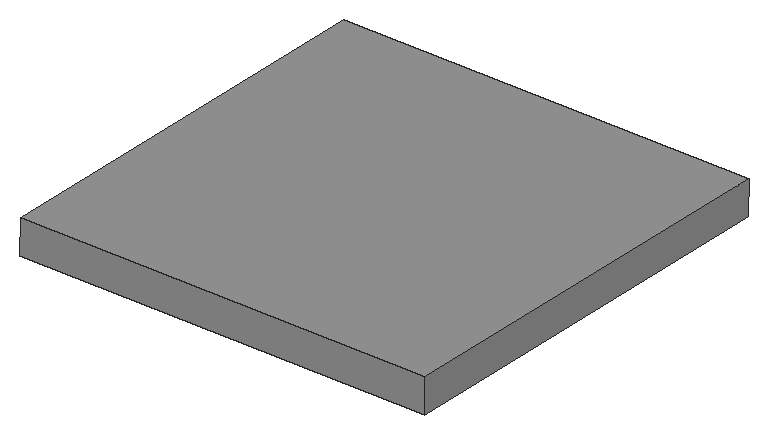
Revit family "HELIOS_49W_4000K_4300LM", category Lighting Fixtures, host Ceiling, Revit 2021
Family settings
  Host = Ceiling
  Round Connector Dimension = Use Diameter
  Part Type = Normal
  OmniClass Number = 23.80.70.11
  OmniClass Title = Luminaries for Internal Lighting
  Always vertical = Yes
  Cut with Voids When Loaded = No
  Light Source = Yes
  Shared = No
  Room Calculation Point = No
Parameters
  Wattage = 28.948 W
  built-in parameter 1150110 = 1 (stored number, unit not read)
  Type de lampe = "LED Mid Power"
  Type = "Dalle LED"
  built-in parameter 1114217 = 1 (stored number, unit not read)
  Tilt Angle = 90.00°
  built-in parameter 1150109 = 1 (stored number, unit not read)
  built-in parameter 1150134 = 12
  built-in parameter 1150113 = 1 (stored number, unit not read)
  SDCM = "<3"
  Puissance nominale = "49W"
  Photometric Web File = "google_eulumdat_converter (14).ies"
  Matériau = "Acier galvanisé blanc"
  Maintien du flux = "L80B10 (50 000 heures)"
  Lumens = 4300 lm
  built-in parameter 1150115 = 1 (stored number, unit not read)
  built-in parameter 1150105 = 342.18 (stored number, unit not read)
  built-in parameter 1150137 = (empty or 0)
  built-in parameter 1150139 = (empty or 0)
  built-in parameter 1150112 = 1 (stored number, unit not read)
  built-in parameter 1150114 = 1 (stored number, unit not read)
  built-in parameter 1150132 = 2
  built-in parameter 1150102 = (empty or 0)
  built-in parameter 1150138 = (empty or 0)
  built-in parameter 1150107 = 4000 (stored number, unit not read)
  built-in parameter 1150106 = 3.4218 (stored number, unit not read)
  IRC = ">80"
  Emit from Rectangle Width = 609.60 mm
  Emit from Rectangle Length = 1219.20 mm
  Emit Shape Visible in Rendering = no
  built-in parameter 1150104 = 13.8 (stored number, unit not read)
  Durée de vie = "50 000 heures"
  Driver = "Driver Osram"
  Dimming Lamp Color Temperature Shift = <None>
  Dimensions = "596x596x50 mm"
  Diffuseur = "Microprismatique"
  Default Elevation = 0.00 mm
  Color Filter = 16777215
  built-in parameter 1114218 = 1 (stored number, unit not read)
  built-in parameter 1150133 = 10 (stored number, unit not read)
  Angle d'éclairage = "120°"
  Alimentation luminaire = "500 et 700mA"
  Alimentation Driver = "AC 220-240V"
Reference planes
  plane 1 "Light Source Axis (F/B)": y = 0
  plane 2 "Ceiling": z = 2438.4
  plane 3 "Light Source Axis (L/R)": x = 0
  plane 4 "Light Source Elevation": z = 2400.474
Forms (mm)
  Extrusion 1, solid, material "Steel, Galvanized"
    sketch origin (0, 0, 2400.474) x (0, -1, 0) y (1, 0, 0)
      loop
        line (-298, -298) -> (298, -298) -> (298, 298) -> (-298, 298) -> (-298, -298)
    from -12.074 to 37.926
  Extrusion 2, void
    sketch origin (0, 0, 0) x (1, 0, 0) y (0, 0, 1)
      loop
        line (-278, 2374.595) -> (-60, 2374.595) -> (-60, 2423.091) -> (-278, 2404.018) -> (-278, 2374.595)
    from -278 to 278
  Extrusion 3, void
    sketch origin (0, 0, 2400.474) x (0, -1, 0) y (1, 0, 0)
      loop
        line (-278, 0) -> (-278, -38) -> (278, -38) -> (278, 37.81) -> (-278, 37.81) -> (-278, 0)
    from -47.97 to 0
  Extrusion 4, void
    sketch origin (0, 0, 0) x (-1, 0, 0) y (0, 0, -1)
      loop
        line (-278, -2374.595) -> (-278, -2404.018) -> (-60, -2423.091) -> (-60, -2374.595) -> (-278, -2374.595)
    from -278 to 278
  Extrusion 5, void
    sketch origin (0, 0, 0) x (1, 0, 0) y (0, 0, 1)
      loop
        line (-65, 2423.091) -> (-65, 2410.655) -> (64.914, 2410.655) -> (64.914, 2423.091) -> (-65, 2423.091)
    from -278 to 278
Cuts and joins
  Extrusion 2, Extrusion 3, Extrusion 4, Extrusion 5 cuts Extrusion 1
Lines and regions (mm)
  reference lines
    curve 1: line (0, 0, 2400.474) -> (0, 298, 2400.474)
    curve 2: line (0, 298, 2400.474) -> (-298, 298, 2400.474)
    curve 3: line (-298, 298, 2400.474) -> (-298, -298, 2400.474)
    curve 4: line (-298, -298, 2400.474) -> (298, -298, 2400.474)
    curve 5: line (298, -298, 2400.474) -> (298, 298, 2400.474)
    curve 6: line (298, 298, 2400.474) -> (0, 298, 2400.474)
    curve 7: line (0, 0, 2438.4) -> (0, 0, 2388.4)
    curve 8: line (0, 0, 2388.4) -> (25, 0, 2388.4)
    curve 9: line (-298, 298, 2400.474) -> (-298, 278, 2400.474)
    curve 10: line (-298, 278, 2400.474) -> (-238, 278, 2400.474)
    curve 11: line (-298, -298, 2400.474) -> (-298, -278, 2400.474)
    curve 12: line (-298, -278, 2400.474) -> (-268, -278, 2400.474)
    curve 13: line (-298, -298, 2400.474) -> (-278, -298, 2400.474)
    curve 14: line (-278, -298, 2400.474) -> (-278, -278, 2400.474)
Dimensions and locks
  equal spacing: host sketch curve, plane 3 "Light Source Axis (L/R)", host sketch curve
  equal spacing: host sketch curve, plane 1 "Light Source Axis (F/B)", host sketch curve
  host sketch curve to host sketch curve = 3048.00 mm  (x2)
  aligned and locked: plane 3 "Light Source Axis (L/R)" to imposter light
  aligned and locked: plane 1 "Light Source Axis (F/B)" to imposter light
  aligned and locked: plane 4 "Light Source Elevation" to imposter light
